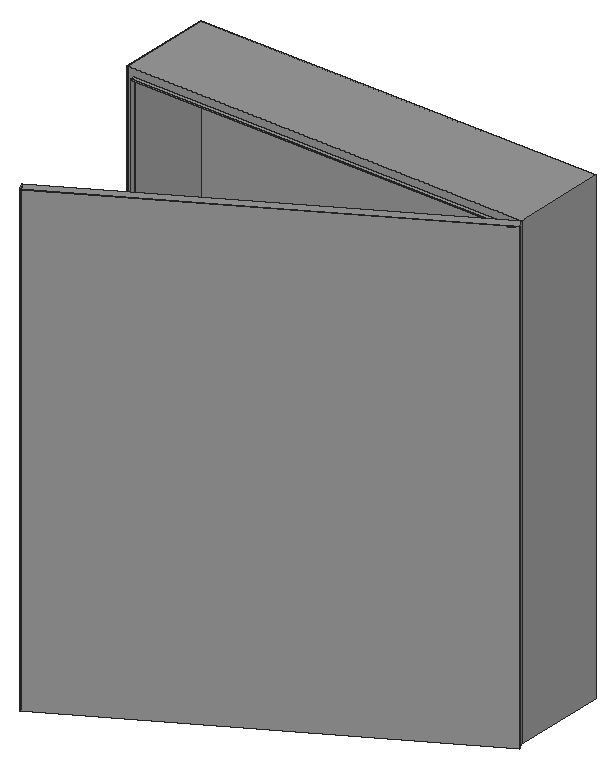
Revit family "Hager-Univers-IP44-D205-H950-Cl.I-encl-NoHosted-DE-de", category Equipement électrique, Revit 2020
Family settings
  Configuration du panneau = Deux colonnes, circuits au sein
  Cote de connecteur circulaire = Utiliser le diamètre
  Type d'élément = Tableau de raccordement
  Basée sur le plan de construction = Oui
  Toujours verticalement = Oui
  Couper avec des vides une fois chargée = Non
  Partagée = Non
  Point de calcul de pièce = Non
Parameters (values of type "Aufputz IP44 B800 H950 T205  - FP63TN2")
  Width Control [instance] = if([EF000008 - Breite] > Min Width, [EF000008 - Breite], Min Width)  # 800 mm
  Commentaires du type = [HG000003 - Bereich]  # "Univers"
  Thickness Door [instance] = if([EF009171 - Materialstärke Tür/Deckel] > 3 mm, 3 mm, [EF009171 - Materialstärke Tür/Deckel])  # 1 mm
  Seal Frame Offset [instance] = 17 mm  # constant formula
  Plinth Visibility [instance] = [HG000027 - Sockelhöhe] > 0 mm  # no
  Min Width [instance] = 100 mm  # constant formula
  Min Depth [instance] = (2 * [EF009170 - Materialstärke Gehäuse]) + 1 mm  # 3 mm
  Min Height [instance] = 100 mm  # constant formula
  Internal Frame Depth [instance] = (Door System Depth * 0.5)  # 9 mm
  Panel Name [instance] = ""  # (empty or 0)
  Model = ""
  HG000027 - Sockelhöhe = 0 mm
  HG000026 - Stehend auf dem Boden = no
  HG000024 - Höhe des unteren Teils = 600 mm
  HG000023 - Gehäuse mit doppeltem Querschnitt = no
  HG000016 - 3D-Türsichtbarkeit [instance] = yes
  HG000015 - Sichtbarkeit der Türöffnung [instance] = no
  HG000014 - Tür rechts [instance] = yes
  HG000013 - Tür links [instance] = not([HG000014 - Tür rechts])  # no
  HG000012 - Türschwenkwinkel [instance] = 30.00°
  HG000010 - Asymmetrische Türen = no
  HG000009 - Doppelflügeligen Tür = no
  HG000006 - Unterputz = no
  HG000004 - Herstellerreferenz = "FP63TN2"
  HG000003 - Bereich = "Univers"
  HG000002 - Mit tür = yes
  Frame Offset Bottom [instance] = 10 mm  # constant formula
  Frame Offset [instance] = 15 mm  # constant formula
  EF015940 - Deckel mit Überdruckentlastung = no
  EF011959 - Schutzart (NEMA) = ""
  EF009554 - Anzahl der Öffnungen für Flanschplatten = 6
  EF009212 - Ausführung Deckel = "EV000116 - geschlossen"
  EF009171 - Materialstärke Tür/Deckel = 1 mm
  EF009170 - Materialstärke Gehäuse = 1 mm
  EF008873 - Nennstrom (In) = 250 A
  EF007800 - Geeignet für Blitzschutz = no
  EF006306 - Mit Schloss = no
  EF006244 - Transparenter Deckel/Tür = no
  EF005474 - Schutzart (IP) = "EV006418 - IP44"
  EF004464 - Art der Tür = "EV002646 - Einzel"
  EF004427 - Anzahl der Module = 216
  EF004293 - Schlagfestigkeit = "EV006815 - IK09"
  EF003532 - Geeignet für Außengebrauch = no
  EF002950 - Breite in Teilungseinheiten = 36
  EF001613 - Funktionserhalt = "EV000494 - ohne"
  EF001596 - Werkstoff des Gehäuses = "EV000179 - Stahl"
  EF001131 - Innentiefe = 130 mm
  EF001088 - Anbaumöglichkeit = yes
  EF000437 - Anzahl der Leitungseinführungen = 6
  EF000339 - Art der Abdeckung = "EV001012 - Deckel"
  EF000266 - Anzahl der Reihen = 6
  EF000218 - Einbautiefe = 205 mm
  EF000118 - Mit Montageplatte = no
  EF000116 - RAL-Nummer = "9010"
  EF000049 - Tiefe = 205 mm
  EF000040 - Höhe = 950 mm
  EF000008 - Breite = 800 mm
  EF000007 - Farbe = "EV000202 - weiß"
  EF000003 - Montageart = "EV000384 - Aufputz"
  Door System Leaf Tolerance [instance] = 1.5 mm  # constant formula
  Door System Depth [instance] = 18 mm  # constant formula
  Door Height [instance] = Height Control - [HG000027 - Sockelhöhe]  # 950 mm
  Description = ""
  Default Elevation = 1219.2 mm
  Connector Offset [instance] = Height Control / 2  # 475 mm
  Fabricant = "Hager"  # constant formula
  Height Control [instance] = if([EF000040 - Höhe] > Min Height, [EF000040 - Höhe], Min Height)  # 950 mm
  Depth Control [instance] = if([EF000049 - Tiefe] > Min Depth, [EF000049 - Tiefe], Min Depth)  # 205 mm
  Bottom Top Plate Trim [instance] = 1.5 mm  # constant formula
  Plinth height Ctrl [instance] = if([HG000027 - Sockelhöhe] > 0 mm, [HG000027 - Sockelhöhe], 12 mm)  # 12 mm
Types (9, lengths in mm): name | Width Control | HG000010 - Asymmetrische Türen | HG000009 - Doppelflügeligen Tür | HG000004 - Herstellerreferenz | EF009554 - Anzahl der Öffnungen für Flanschplatten | EF004464 - Art der Tür | EF004427 - Anzahl der Module | EF002950 - Breite in Teilungseinheiten | EF000437 - Anzahl der Leitungseinführungen | EF000008 - Breite
  Aufputz IP44 B1050 H950 T205  - FP64TN2 | 1050 | no | yes | "FP64TN2" | 8 | "EV003602 - Doppel" | 288 | 48 | 8 | 1050
  Aufputz IP44 B1300 H950 T205  - FP65TN | 1300 | no | yes | "FP65TN" | 10 | "EV003602 - Doppel" | 360 | 60 | 10 | 1300
  Aufputz IP44 B1300 H950 T205  - FP65TN2 | 1300 | yes | yes | "FP65TN2" | 10 | "EV003602 - Doppel" | 360 | 60 | 10 | 1300
  Aufputz IP44 B300 H950 T205  - FP61TN | 300 | no | no | "FP61TN" | 2 | "EV002646 - Einzel" | 72 | 12 | 2 | 300
  Aufputz IP44 B300 H950 T205  - FP61TN2 | 300 | no | no | "FP61TN2" | 2 | "EV002646 - Einzel" | 72 | 12 | 2 | 300
  Aufputz IP44 B550 H950 T205  - FP62TN | 550 | no | no | "FP62TN" | 4 | "EV002646 - Einzel" | 144 | 24 | 4 | 550
  Aufputz IP44 B550 H950 T205  - FP62TN2 | 550 | no | no | "FP62TN2" | 4 | "EV002646 - Einzel" | 144 | 24 | 4 | 550
  Aufputz IP44 B800 H950 T205  - FP63TN | 800 | no | no | "FP63TN" | 6 | "EV002646 - Einzel" | 216 | 36 | 6 | 800
  Aufputz IP44 B800 H950 T205  - FP63TN2 | 800 | no | no | "FP63TN2" | 6 | "EV002646 - Einzel" | 216 | 36 | 6 | 800
Reference planes
  plane 1 "Center (Front/Back)": y = 0
  plane 2: z = 0
  plane 3 "Center (Left/Right)": x = 0
  plane 4: y = 0
  plane 5: y = 0
  plane 6: z = 0
  plane 7: x = -400
  plane 8: x = 400
  plane 9: x = 399
  plane 10: x = -399
  plane 11: z = 0
  plane 12: z = 1
  plane 13: y = -205
  plane 14: y = -1
  plane 15: x = 0
  plane 16: y = -187
  plane 17: y = -204
  plane 18: y = -186
  plane 19: x = -384
  plane 20: x = 384
  plane 21: z = 11
  plane 22: x = -383
  plane 23: x = 383
  plane 24: z = 0
  plane 25: z = 950
  plane 26: z = 950
  plane 27: z = 934
  plane 28: z = 949
Forms (mm)
  Extrusion 1, solid, material "Hager_Steel_RAL7035_Light_Grey", detail levels medium+fine
    sketch origin (-208.679, -4572, 0) x (-1, 0, 0) y (0, -1, 0)
      loop
        line (191.321, -4385) -> (-608.679, -4385) -> (-608.679, -4572) -> (191.321, -4572) -> (191.321, -4385)
    from 0 to 950
  Extrusion 2, void
    sketch origin (-350.771, -205, 1219.2) x (1, 0, 0) y (0, 0, 1)
      loop
        line (-48.229, -270.2) -> (-48.229, -1218.2) -> (749.771, -1218.2) -> (749.771, -270.2) -> (-48.229, -270.2)
    from -19 to -204
  Extrusion 3, void
    sketch origin (-290.084, -187, 1219.2) x (1, 0, 0) y (0, 0, 1)
      loop
        line (-93.916, -1208.2) -> (674.084, -1208.2) -> (674.084, -285.2) -> (-93.916, -285.2) -> (-93.916, -1208.2)
    from 0 to -1
  Extrusion 4, solid, material "Hager_Steel_RAL7035_Light_Grey", visible <- "Plinth Visibility", detail levels medium+fine
    sketch origin (0, 0, 0) x (1, 0, 0) y (0, 1, 0)
      loop
        line (-400, 0) -> (-400, -187) -> (400, -187) -> (400, 0) -> (-400, 0)
    from 0 to 12 <- "Plinth height Ctrl"
  Extrusion 5, solid, material "Hager_Steel_RAL7035_Light_Grey", detail levels coarse
    sketch origin (0, 0, 0) x (1, 0, 0) y (0, 1, 0)
      loop
        line (-400, 0) -> (-400, -205) -> (400, -205) -> (400, 0) -> (-400, 0)
    from 0 to 950 <- "Height Control"
  Sweep 6, void
    path in 3D
      loop
        line (-400, -187, 12) -> (400, -187, 12) -> (400, 0, 12) -> (-400, 0, 12) -> (-400, -187, 12)
    profile origin (-400, -93.5, 12) x (1, 0, 0) y (0, 0, 1)
      loop
        line (0, 0) -> (0, -1.5) -> (1.5, -1.5)
        arc (1.5, -1.5) -> (1.061, -0.439) -> (0, 0) r 1.5
  Extrusion 7, solid, material "Hager_Steel_RAL7035_Light_Grey", detail levels fine
    sketch origin (-400, -187, 0) x (1, 0, 0) y (0, 0, 1)
      loop
        line (16, 11) -> (784, 11) -> (784, 934) -> (16, 934) -> (16, 11)
      loop
        line (15, 10) -> (785, 10) -> (785, 935) -> (15, 935) -> (15, 10)
    from 0 to 9 <- "Internal Frame Depth"
Cuts and joins
  Extrusion 2, Extrusion 3 cuts Extrusion 1
  Sweep 6 cuts Extrusion 4
Lines and regions (mm)
  Masking region 1
    outline origin (0, 0, 0) x (1, 0, 0) y (0, 1, 0)
      loop
        line (-400, 0) -> (-400, -205) -> (400, -205) -> (400, 0) -> (-400, 0)
  Masking region 2, detail levels coarse
    outline origin (-290.084, -187, 1219.2) x (-1, 0, 0) y (0, 0, 1)
      loop
        line (-690.084, -1219.2) -> (109.916, -1219.2) -> (109.916, -269.2) -> (-690.084, -269.2) -> (-690.084, -1219.2)
  Masking region 3, detail levels coarse
    outline origin (0, 0, 0) x (0, 1, 0) y (0, 0, 1)
      loop
        line (0, 0) -> (0, 950) -> (-205, 950) -> (-205, 0) -> (0, 0)
  Masking region 4, visible <- "Plinth Visibility", detail levels medium+fine
    outline origin (0, 0, 0) x (0, 1, 0) y (0, 0, 1)
      loop
        line (-1.5, 12) -> (-185.5, 12)
        arc (-185.5, 12) -> (-185.939, 10.939) -> (-187, 10.5) r 1.5
        line (-187, 10.5) -> (-187, 0) -> (0, 0) -> (0, 10.5)
        arc (0, 10.5) -> (-1.061, 10.939) -> (-1.5, 12) r 1.5
  Masking region 5, detail levels medium+fine
    outline origin (0, 0, 594.038) x (0, 1, 0) y (0, 0, 1)
      loop
        line (0, -594.038) -> (0, 355.962) -> (-187, 355.962) -> (-187, -594.038) -> (0, -594.038)
  Masking region 6, detail levels medium+fine
    outline origin (-359.7, -187, 1211.883) x (-1, 0, 0) y (0, 0, 1)
      loop
        line (-759.7, -1211.883) -> (40.3, -1211.883) -> (40.3, -261.883) -> (-759.7, -261.883) -> (-759.7, -1211.883)
  Masking region 7, visible <- "Plinth Visibility", detail levels medium+fine
    outline origin (-320.334, -187, 1041.368) x (-1, 0, 0) y (0, 0, 1)
      loop
        line (-720.334, -1041.368) -> (79.666, -1041.368) -> (79.666, -1030.868)
        arc (79.666, -1030.868) -> (78.606, -1030.429) -> (78.166, -1029.368) r 1.5
        line (78.166, -1029.368) -> (-718.834, -1029.368)
        arc (-718.834, -1029.368) -> (-719.273, -1030.429) -> (-720.334, -1030.868) r 1.5
        line (-720.334, -1030.868) -> (-720.334, -1041.368)
  sketch lines
    curve 1: line (-400, 0, 12) -> (-400, -187, 12)
    curve 2: line (-400, -187, 12) -> (400, -187, 12)
    curve 3: line (400, 0, 12) -> (-400, 0, 12)
    curve 4: line (400, -187, 12) -> (400, 0, 12)
Dimensions and locks
  locked: plane 1 "Center (Front/Back)" to plane 5
  "EF009170 - Materialstärke Gehäuse": plane 7 to plane 10
  "EF009170 - Materialstärke Gehäuse": plane 8 to plane 9
  equal spacing: plane 7, plane 3 "Center (Left/Right)", plane 8
  "Width Control": plane 7 to plane 8
  "Depth Control": plane 4 to plane 13
  "EF009170 - Materialstärke Gehäuse": plane 4 to plane 14
  "Height Control": plane 25 to level
  "HG000027 - Sockelhöhe": plane 11 to level
  "EF009170 - Materialstärke Gehäuse": plane 12 to plane 11
  "EF009170 - Materialstärke Gehäuse": plane 17 to plane 13
  "EF009170 - Materialstärke Gehäuse": plane 18 to plane 16
  "Frame Offset Bottom": plane 21 to plane 12
  "Frame Offset": plane 10 to plane 19
  "Frame Offset": plane 9 to plane 20
  "Door System Depth": plane 16 to plane 13
  "Seal Frame Offset": plane 7 to plane 22
  "Seal Frame Offset": plane 8 to plane 23
  "EF009170 - Materialstärke Gehäuse": plane 26 to plane 28
  "Frame Offset": plane 28 to plane 27
  "Connector Offset": plane 2 to connector elem
  "Bottom Top Plate Trim": profile plane to Sweep 6 sketch curve
  "Bottom Top Plate Trim": Sweep 6 sketch curve to Sweep 6 sketch curve
  "Plinth height Ctrl": Masking region 4 sketch curve to level
  "Plinth height Ctrl": Masking region 7 sketch curve to level
  "Thickness Door": Extrusion 7 sketch curve to Extrusion 7 sketch curve  (x4)
  "Bottom Top Plate Trim": radius of Sweep 6 sketch curve
  "Bottom Top Plate Trim": radius of Masking region 4 sketch curve  (x2)
  "Bottom Top Plate Trim": radius of Masking region 7 sketch curve  (x2)
  aligned and locked: Extrusion 2 sketch curve to plane 12
  aligned and locked: Extrusion 2 sketch curve to plane 9
  aligned and locked: Extrusion 2 sketch curve to plane 10
  aligned and locked: Extrusion 2 to plane 14
  aligned and locked: Extrusion 1 sketch curve to plane 4
  aligned and locked: plane 8 to Extrusion 1 sketch curve
  aligned and locked: plane 7 to Extrusion 1 sketch curve
  aligned and locked: Extrusion 2 to plane 18
  aligned and locked: Extrusion 3 sketch curve to plane 19
  aligned and locked: plane 20 to Extrusion 3 sketch curve
  aligned and locked: Extrusion 3 to Extrusion 2
  aligned and locked: Extrusion 3 sketch curve to plane 21
  aligned and locked: plane 3 "Center (Left/Right)" to nested 1
  aligned and locked: Extrusion 1 sketch curve to plane 16
  aligned and locked: Extrusion 4 sketch curve to cut or joined group of Extrusion 1, Extrusion 2, Extrusion 3
  aligned and locked: Masking region 1 sketch curve to plane 7
  aligned and locked: Masking region 1 sketch curve to plane 5
  aligned and locked: Masking region 1 sketch curve to plane 8
  aligned and locked: Masking region 2 sketch curve to level
  aligned and locked: level to Masking region 3 sketch curve
  aligned and locked: plane 1 "Center (Front/Back)" to Masking region 3 sketch curve
  aligned and locked: plane 13 to Masking region 3 sketch curve
  aligned and locked: plane 5 to Masking region 4 sketch curve
  aligned and locked: Masking region 2 sketch curve to plane 8
  aligned and locked: Masking region 2 sketch curve to plane 7
  aligned and locked: plane 7 to nested 2
  aligned and locked: nested 2 to plane 5
  aligned and locked: plane 5 to Masking region 5 sketch curve
  aligned and locked: plane 26 to Masking region 5 sketch curve
  aligned and locked: Extrusion 5 sketch curve to plane 8
  aligned and locked: Extrusion 5 sketch curve to plane 7
  aligned and locked: Extrusion 5 sketch curve to plane 5
  aligned and locked: Extrusion 3 sketch curve to plane 27
  aligned and locked: Extrusion 2 sketch curve to plane 28
  aligned and locked: Masking region 2 to plane 25
  aligned and locked: Extrusion 4 to plane 16
  aligned and locked: profile plane to Sweep 6 sketch curve
  aligned and locked: Masking region 5 sketch curve to plane 24
  aligned and locked: level to Masking region 4 sketch curve
  aligned and locked: Masking region 1 to plane 13
  aligned and locked: nested 1 to plane 16
  aligned and locked: Masking region 3 to plane 25
  aligned and locked: plane 16 to Masking region 4 sketch curve
  aligned and locked: Masking region 5 sketch curve to plane 16
  aligned and locked: plane 24 to plane 11
  aligned and locked: plane 26 to plane 25
  aligned and locked: plane 26 to cut or joined group of Extrusion 1, Extrusion 2, Extrusion 3
  aligned and locked: nested 1 to plane 24
  aligned and locked: Extrusion 1 to Extrusion 3
  aligned and locked: Masking region 6 sketch curve to plane 8
  aligned and locked: Masking region 6 sketch curve to plane 24
  aligned and locked: Masking region 6 sketch curve to plane 7
  aligned and locked: Masking region 6 sketch curve to plane 26
  aligned and locked: Masking region 7 sketch curve to plane 7
  aligned and locked: level to Masking region 7 sketch curve
  aligned and locked: Masking region 7 sketch curve to plane 8
  aligned and locked: Extrusion 7 sketch curve to cut or joined group of Extrusion 1, Extrusion 2, Extrusion 3  (x4)
Automatic sketch dimensions
  plane 19 to Extrusion 3 sketch curve = 0 mm
  Extrusion 3 sketch curve to plane 20 = 0 mm
  Extrusion 3 sketch curve to plane 21 = 0 mm
  Extrusion 4 sketch curve to plane 7 = 0 mm
  Extrusion 4 sketch curve to plane 8 = 0 mm
  Extrusion 4 sketch curve to plane 16 = 0 mm
  Masking region 1 sketch curve to plane 13 = 0 mm
  Masking region 2 sketch curve to plane 25 = 0 mm
  Masking region 3 sketch curve to plane 25 = 0 mm
  Extrusion 5 sketch curve to plane 13 = 0 mm
  profile plane to Sweep 6 sketch curve = 0 mm
Nested families
  nested 1: "EC000058_Univers_Door" at (0, -187, 0), Double <- "HG000009 - Doppelflügeligen Tür", Transparent <- "EF006244 - Transparenter Deckel/Tür", Angle <- "HG000012 - Türschwenkwinkel", Door_Right <- "HG000014 - Tür rechts", Assymetrical <- "HG000010 - Asymmetrische Türen", Door <- "HG000002 - Mit tür", Width_Ctrl <- "Width Control", 3d_Door <- "HG000016 - 3D-Türsichtbarkeit", Clearance <- "HG000015 - Sichtbarkeit der Türöffnung", Door_Left <- "HG000013 - Tür links", Width <- "Width Control", Door_Depth <- "Door System Depth", Leaf_Tolerance <- "Door System Leaf Tolerance", Height <- "Door Height", Lock_Visibility <- "EF006306 - Mit Schloss", Thickness <- "Thickness Door", type "EC000058_Univers_Door", detail levels medium+fine
    with min_wh 3 mm, Width_Ctrl 800 mm, Width 800 mm, Transparent no, Thickness 1 mm, Seal_Material Hager_Rubber, Lock_Visibility no, Lock_Material Hager_Plastic_RAL9005_Jet_Black, Leaf_Width 800 mm, Leaf_Tolerance_External_Sides 0 mm, Leaf_Tolerance 1.5 mm, Leaf_Offset 0 mm, Leaf_Height 947 mm, Leaf_2_Width 800 mm, Leaf_2_Offset 400 mm, Leaf_1_Width 800 mm, Leaf_1_Offset 400 mm, Height_Ctrl 950 mm, Height 950 mm, Glass_Material Hager_Glass, Double_Clearance_Ctrl no, Double no, Door_Right_Ctrl yes, Door_Right yes, Door_Material Hager_Steel_RAL7035_Light_Grey, Door_Left_Ctrl no, Door_Left no, Door_Depth 18 mm, Door yes, Clearance_Material Hager_Clearance, Clearance_Depth 800 mm, Clearance_Ctrl no, Clearance no, Assymetrical no, Angle 30.00°, 3d_Door yes
  nested 2: "Hager_Enclosure_Symbol" at (-400, 0, 0), Height <- "Depth Control", Width <- "Width Control", type "Hager_Enclosure_Symbol"
    with Width_Ctrl 800 mm, Width 800 mm, Height_Ctrl 205 mm, Height 205 mm, A_Width_Int 13.453 mm, A_Width 161.438 mm, A_Height_Ctrl 179.375 mm, A_Height 179.375 mm
Connectors
  electrical at (0, 0, 475)
    settings: on plane 1 "Center (Front/Back)", index 1, voltage 0 V, apparent load 0 VA, apparent load phase1 0 VA, apparent load phase2 0 VA, apparent load phase3 0 VA, power factor 1, load classification "Other", number of poles 1, system type 30, power factor state 1, is connector primary yes, connector utility no, sub classification motor no, connector description ""
Definition of nested family "EC000058_Univers_Door"
  Parameters (values of type "EC000058_Univers_Door")
    min_wh [instance] = (2 * Thickness) + 1 mm  # 11 mm
    Width_Ctrl [instance] = 400 mm
    Width [instance] = 500 mm
    Transparent [instance] = yes
    Thickness [instance] = 5 mm
    Seal_Material [instance] = none
    Lock_Visibility [instance] = yes
    Lock_Material [instance] = none
    Leaf_Width [instance] = if((Width_Ctrl - 2 * Leaf_Tolerance_External_Sides) > 0 mm, (Width_Ctrl - 2 * Leaf_Tolerance_External_Sides), min_wh)  # 400 mm
    Leaf_Tolerance_External_Sides [instance] = 0 mm  # constant formula
    Leaf_Tolerance [instance] = 1.5 mm
    Leaf_Offset [instance] = 0 mm  # constant formula
    Leaf_Height [instance] = if((Height_Ctrl - 2 * Leaf_Tolerance) > 0 mm, (Height_Ctrl - 2 * Leaf_Tolerance), min_wh)  # 497 mm
    Leaf_2_Width [instance] = if(and(and(Double, Assymetrical), Door_Left), (Leaf_Width / 3) - (Leaf_Tolerance / 2), if(and(and(Double, Assymetrical), Door_Right), (Leaf_Width / 3) * 2 - (Leaf_Tolerance / 2), if(and(Double, not(Assymetrical)), (Leaf_Width / 2) - Leaf_Tolerance, Leaf_Width)))  # 400 mm
    Leaf_2_Offset [instance] = if(and(Double, Assymetrical), Leaf_2_Width / 2, if(and(Double, not(Assymetrical)), Leaf_Width / 4, Leaf_Width / 2))  # 200 mm
    Leaf_1_Width [instance] = if(and(and(Double, Assymetrical), Door_Right), (Leaf_Width / 3) - (Leaf_Tolerance / 2), if(and(and(Double, Assymetrical), Door_Left), (Width / 3) * 2 - (Leaf_Tolerance / 2), if(and(Double, not(Assymetrical)), (Leaf_Width / 2) - Leaf_Tolerance, Leaf_Width)))  # 400 mm
    Leaf_1_Offset [instance] = if(and(Double, Assymetrical), Leaf_1_Width / 2, if(and(Double, not(Assymetrical)), Leaf_Width / 4, Leaf_Width / 2))  # 200 mm
    Height_Ctrl [instance] = if(Height > min_wh, Height, min_wh)  # 500 mm
    Height [instance] = 500 mm
    Glass_Material [instance] = none
    Double_Clearance_Ctrl [instance] = and(Double, Clearance)  # no
    Double [instance] = no
    Door_Right_Ctrl [instance] = and(or(Door_Right, Double), Door)  # yes
    Door_Right [instance] = yes
    Door_Material [instance] = none
    Door_Left_Ctrl [instance] = and(or(Door_Left, Double), Door)  # no
    Door_Left [instance] = no
    Door_Depth [instance] = 30 mm
    Door [instance] = yes
    Default Elevation = 1219.2 mm
    Clearance_Material [instance] = none
    Clearance_Depth [instance] = if(Leaf_1_Width > Leaf_2_Width, Leaf_1_Width, Leaf_2_Width)  # 400 mm
    Clearance_Ctrl [instance] = and(not(Double), Clearance)  # yes
    Clearance [instance] = yes
    Assymetrical [instance] = yes
    Angle [instance] = 30.00°
    3d_Door [instance] = yes
  Reference planes
    plane 1 "Center (Front/Back)": y = 0
    plane 2 "Bottom": z = 0
    plane 3 "Center (Left/Right)": x = 0
    plane 4: z = 500
    plane 5: x = -200
    plane 6: x = 200
    plane 7: z = 500
    plane 8: x = -200
    plane 9: z = 0
    plane 10: x = 200
    plane 11: y = 0
    plane 12: z = 1.5
    plane 13: x = -600
    plane 14: y = -400
    plane 15: x = 600
    plane 16: x = 0
    plane 17: x = 0
    plane 18: x = -200
    plane 19: x = 200
    plane 20: z = 498.5
  Forms (mm)
    Extrusion 1, solid, material <- "Clearance_Material", visible <- "Double_Clearance_Ctrl"
      sketch origin (1200, 0, 0) x (1, 0, 0) y (0, 0, -1)
        loop
          line (-1800, -498.5) -> (-600, -498.5) -> (-600, 0) -> (-1800, 0) -> (-1800, -498.5)
      from 0 to -400
  Dimensions and locks
    equal spacing: plane 5, plane 3 "Center (Left/Right)", plane 6
    "Width_Ctrl": plane 5 to plane 6
    "Leaf_Offset": plane 5 to plane 8
    "Leaf_Offset": plane 6 to plane 10
    "Leaf_Offset": plane 9 to level
    "Leaf_Offset": plane 4 to plane 7
    "Height_Ctrl": plane 4 to level
    "Leaf_Tolerance": plane 12 to plane 9
    locked: plane 11 to plane 1 "Center (Front/Back)"
    "Leaf_1_Offset": plane 18 to plane 16
    "Leaf_2_Offset": plane 17 to plane 19
    "Leaf_1_Width": plane 13 to plane 8
    "Leaf_2_Width": plane 10 to plane 15
    "Clearance_Depth": plane 14 to plane 1 "Center (Front/Back)"
    "Leaf_Tolerance_External_Sides": plane 8 to plane 18
    "Leaf_Tolerance_External_Sides": plane 19 to plane 10
    "Leaf_Tolerance": plane 7 to plane 20
    aligned and locked: level to plane 2 "Bottom"
    aligned and locked: nested 1 to plane 16
    aligned and locked: nested 2 to plane 17
    aligned and locked: Extrusion 1 to plane 13
    aligned and locked: plane 15 to Extrusion 1
    aligned and locked: Extrusion 1 to plane 14
    aligned and locked: plane 12 to nested 1
    aligned and locked: nested 2 to plane 12
    aligned and locked: Extrusion 1 to plane 11
    aligned and locked: plane 20 to Extrusion 1
    aligned and locked: nested 2 to plane 11
    aligned and locked: nested 1 to plane 11
  Automatic sketch dimensions
    Extrusion 1 sketch curve to level = 0 mm
    plane 5 to Extrusion 1 sketch curve = 400 mm
    plane 6 to Extrusion 1 sketch curve = 400 mm
    Extrusion 1 sketch curve to plane 4 = 1.5 mm
  Nested families
    nested 1: "EC000058_Univers_Door_Leaf" at (0, 0, 1.5), Width <- "Leaf_1_Width", visible <- "Door_Left_Ctrl", Leaf_Height <- "Leaf_Height", Angle <- "Angle", 3d_Door <- "3d_Door", Transparent <- "Transparent", Clearance Material <- "Clearance_Material", Clearance <- "Clearance_Ctrl", Door_Material <- "Door_Material", Glass_Material <- "Glass_Material", Door_Depth <- "Door_Depth", Lock_Material <- "Lock_Material", Seal_Material <- "Seal_Material", Lock_Visibility <- "Lock_Visibility", Thickness <- "Thickness", type "EC000058_Univers_Door_Leaf"
      with Width 400 mm, Transparent_Glass_Offset 30 mm, Transparent_Ctrl yes, Transparent yes, Thickness 5 mm, Standard no, Seal_Material none, Seal_D2 8 mm, Seal_D1 1 mm, Offset_Internal_Frame 10 mm, Lock_Width 20 mm, Lock_Visibility_3d yes, Lock_Visibility yes, Lock_Thickness_3 3 mm, Lock_Thickness_2 1 mm, Lock_Thickness_1 3 mm, Lock_Radius_Offset_2 16 mm, Lock_Radius_Offset_1 15 mm, Lock_Radius_2 5 mm, Lock_Radius 6 mm, Lock_Offset 5 mm, Lock_Material none, Lock_Height 80 mm, Lock_Cover_Top_Offset_2d 17 mm, Lock_Cover_Height -65 mm, Leaf_Height 497 mm, Internal_Seal_Thickness 8 mm, Internal_Seal_Depth_2 4.5 mm, Internal_Frame_Depth 25 mm, Glass_Thickness -1 mm, Glass_Offset -2 mm, Glass_Material none, Door_Material none, Door_Depth 30 mm, Clearance Material none, Clearance yes, Angle_Ctrl 30.00°, Angle 30.00°, 3d_Door yes
    nested 2: "EC000058_Univers_Door_Leaf" at (0, 0, 1.5) x (-1, 0, 0) z (0, 0, 1), Width <- "Leaf_2_Width", visible <- "Door_Right_Ctrl", Leaf_Height <- "Leaf_Height", Angle <- "Angle", 3d_Door <- "3d_Door", Transparent <- "Transparent", Clearance Material <- "Clearance_Material", Clearance <- "Clearance_Ctrl", Door_Material <- "Door_Material", Glass_Material <- "Glass_Material", Door_Depth <- "Door_Depth", Lock_Material <- "Lock_Material", Seal_Material <- "Seal_Material", Lock_Visibility <- "Lock_Visibility", Thickness <- "Thickness", type "EC000058_Univers_Door_Leaf"
      with Width 400 mm, Transparent_Glass_Offset 30 mm, Transparent_Ctrl yes, Transparent yes, Thickness 5 mm, Standard no, Seal_Material none, Seal_D2 8 mm, Seal_D1 1 mm, Offset_Internal_Frame 10 mm, Lock_Width 20 mm, Lock_Visibility_3d yes, Lock_Visibility yes, Lock_Thickness_3 3 mm, Lock_Thickness_2 1 mm, Lock_Thickness_1 3 mm, Lock_Radius_Offset_2 16 mm, Lock_Radius_Offset_1 15 mm, Lock_Radius_2 5 mm, Lock_Radius 6 mm, Lock_Offset 5 mm, Lock_Material none, Lock_Height 80 mm, Lock_Cover_Top_Offset_2d 17 mm, Lock_Cover_Height -65 mm, Leaf_Height 497 mm, Internal_Seal_Thickness 8 mm, Internal_Seal_Depth_2 4.5 mm, Internal_Frame_Depth 25 mm, Glass_Thickness -1 mm, Glass_Offset -2 mm, Glass_Material none, Door_Material none, Door_Depth 30 mm, Clearance Material none, Clearance yes, Angle_Ctrl 30.00°, Angle 30.00°, 3d_Door yes
  Definition of nested family "EC000058_Univers_Door_Leaf"
    Parameters (values of type "EC000058_Univers_Door_Leaf")
      Width [instance] = 2000 mm
      Transparent_Glass_Offset [instance] = 30 mm
      Transparent_Ctrl [instance] = and(Transparent, [3d_Door])  # yes
      Transparent [instance] = yes
      Thickness [instance] = 5 mm
      Standard [instance] = and(not(Transparent), [3d_Door])  # no
      Seal_Material [instance] = none
      Seal_D2 [instance] = 8 mm  # constant formula
      Seal_D1 [instance] = 1 mm  # constant formula
      Offset_Internal_Frame [instance] = 10 mm  # constant formula
      Lock_Width [instance] = 20 mm  # constant formula
      Lock_Visibility_3d [instance] = and(Lock_Visibility, [3d_Door])  # yes
      Lock_Visibility [instance] = yes
      Lock_Thickness_3 [instance] = 3 mm  # constant formula
      Lock_Thickness_2 [instance] = 1 mm  # constant formula
      Lock_Thickness_1 [instance] = 3 mm  # constant formula
      Lock_Radius_Offset_2 [instance] = Lock_Radius_Offset_1 + 1 mm  # 16 mm
      Lock_Radius_Offset_1 [instance] = 15 mm  # constant formula
      Lock_Radius_2 [instance] = Lock_Radius - 1 mm  # 5 mm
      Lock_Radius [instance] = 6 mm  # constant formula
      Lock_Offset [instance] = 5 mm  # constant formula
      Lock_Material [instance] = none
      Lock_Height [instance] = 80 mm  # constant formula
      Lock_Cover_Top_Offset_2d [instance] = Lock_Radius_Offset_2 + 1 mm  # 17 mm
      Lock_Cover_Height [instance] = -(Lock_Height - Lock_Radius_Offset_1)  # -65 mm
      Leaf_Height [instance] = 2720.336 mm
      Internal_Seal_Thickness [instance] = 8 mm  # constant formula
      Internal_Seal_Depth_2 [instance] = 4.5 mm  # constant formula
      Internal_Frame_Depth [instance] = if(Door_Depth - Thickness > 5 mm, Door_Depth - Thickness, 5 mm)  # 25 mm
      Glass_Thickness [instance] = if(Thickness > 15 mm, Glass_Offset + 10 mm, -1 mm)  # -1 mm
      Glass_Offset [instance] = if(Thickness > 15 mm, -(Thickness + 10 mm) / 2, -2 mm)  # -2 mm
      Glass_Material [instance] = none
      Door_Material [instance] = none
      Door_Depth [instance] = 30 mm
      Default Elevation = 0 mm
      Clearance Material [instance] = none
      Clearance [instance] = yes
      Angle_Ctrl [instance] = if(Angle > 180.00°, 180.00°, Angle)  # 90.00°
      Angle [instance] = 90.00°
      3d_Door [instance] = yes
    Reference planes
      plane 1 "Center (Front/Back)": y = 0
      plane 2: z = 0
      plane 3 "Center (Left/Right)": x = 0
      plane 4: y = 2000
      plane 5: x = -1000
      plane 6: x = 1000
      plane 7: x = -3000
      plane 8: z = 2720.336
      plane 9: z = 30
      plane 10: z = 2690.336
      plane 11: x = 970
      plane 12: x = -970
      plane 13: y = -3
      plane 14: z = 107.833
      plane 15: y = -5
      plane 16: y = -223.314
      plane 17: x = -1000
      plane 18: z = 1360.168
      plane 19: y = 30
    Forms (mm)
      Extrusion 1, solid, material <- "Clearance Material", visible <- "Clearance"
        sketch origin (0, 0, 0) x (1, 0, 0) y (0, 0, 1)
          loop
            line (-3000, 2720.336) -> (-3000, 0) -> (1000, 0) -> (1000, 2720.336) -> (-3000, 2720.336)
        from 0 to -2000
      Extrusion 2, solid, material <- "Door_Material", visible <- "Standard", detail levels medium+fine
        sketch origin (-1000, 0, 0) x (0, 1, 0) y (-1, 0, 0)
          loop
            line (0, 30) -> (0, 25) -> (2000, 25) -> (2000, 30) -> (0, 30)
        from 0 to 2720.336 <- "Leaf_Height"
      Extrusion 3, solid, material <- "Door_Material", visible <- "Transparent_Ctrl", detail levels medium+fine
        sketch origin (-1000, 0, 0) x (0, 1, 0) y (-1, 0, 0)
          loop
            line (0, 25) -> (2000, 25) -> (2000, 30) -> (0, 30) -> (0, 25)
        from 0 to 2720.336 <- "Leaf_Height"
      Extrusion 4, void
        sketch origin (-1025, 2000, 0) x (0, 1, 0) y (0, 0, -1)
          loop
            line (-30, -2690.336) -> (-30, -30) -> (-1970, -30) -> (-1970, -2690.336) -> (-30, -2690.336)
        from 0 to 5 <- "Thickness"
      Sweep 5, solid, material <- "Seal_Material", visible <- "Transparent_Ctrl", detail levels fine
        path in 3D
          loop
            line (-1025, 30, 30) -> (-1025, 30, 2690.336) -> (-1025, 1970, 2690.336) -> (-1025, 1970, 30) -> (-1025, 30, 30)
        profile origin (-1025, 1000, 30) x (1, 0, 0) y (0, 0, 1)
          loop
            line (0, 0) -> (0, -8) -> (1, -8) -> (1, 0) -> (0, 0)
      Extrusion 6, solid, material <- "Glass_Material", visible <- "Transparent_Ctrl", detail levels medium+fine
        sketch origin (-1030, 0, 0) x (0, 1, 0) y (0, 0, -1)
          loop
            line (1970, -2690.336) -> (1970, -30) -> (30, -30) -> (30, -2690.336) -> (1970, -2690.336)
        from -2 <- "Glass_Offset" to -1 <- "Glass_Thickness"
      Extrusion 7, solid, material <- "Door_Material", visible <- "3d_Door", detail levels medium+fine
        sketch origin (-1025, 2000, 0) x (0, -1, 0) y (0, 0, -1)
          loop
            line (0, -2720.336) -> (2000, -2720.336) -> (2000, 0) -> (0, 0) -> (0, -2720.336)
          loop
            line (1995, -5) -> (5, -5) -> (5, -2715.336) -> (1995, -2715.336) -> (1995, -5)
        from 0 to 25 <- "Internal_Frame_Depth"
      Sweep 8, solid, material <- "Seal_Material", visible <- "Transparent_Ctrl", detail levels fine
        path in 3D
          loop
            line (-1025, 0, 0) -> (-1025, 2000, 0) -> (-1025, 2000, 2720.336) -> (-1025, 0, 2720.336) -> (-1025, 0, 0)
        profile origin (-1025, 0, 1360.168) x (1, 0, 0) y (0, 1, 0)
          loop
            line (0, 10) -> (2.975, 10)
            arc (2.975, 10) -> (4.053, 10.447) -> (4.5, 11.525) r 1.525
            line (4.5, 11.525) -> (4.5, 16.527)
            arc (4.5, 16.527) -> (4.069, 17.569) -> (3.027, 18) r 1.473
            line (3.027, 18) -> (0, 18) -> (0, 10)
      Extrusion 9, solid, material <- "Lock_Material", visible <- "Lock_Visibility_3d", detail levels fine
        sketch origin (-1030, 0, 0) x (0, 1, 0) y (0, 0, -1)
          loop
            arc (1993.5, -1400.168) -> (1994.561, -1399.729) -> (1995, -1398.668) r 1.5
            line (1995, -1398.668) -> (1995, -1320.168) -> (1975, -1320.168) -> (1975, -1398.668)
            arc (1975, -1398.668) -> (1975.439, -1399.729) -> (1976.5, -1400.168) r 1.5
            line (1976.5, -1400.168) -> (1993.5, -1400.168)
        from 3 <- "Lock_Thickness_1" to 0
      Blend 10, solid, material <- "Lock_Material", visible <- "Lock_Visibility_3d", detail levels fine
        base sketch origin (-1033, 0, 0) x (0, 1, 0) y (0, 0, -1)
          loop
            line (1975, -1320.168) -> (1975, -1398.668)
            arc (1975, -1398.668) -> (1975.439, -1399.729) -> (1976.5, -1400.168) r 1.5
            line (1976.5, -1400.168) -> (1993.5, -1400.168)
            arc (1993.5, -1400.168) -> (1994.561, -1399.729) -> (1995, -1398.668) r 1.5
            line (1995, -1398.668) -> (1995, -1320.168) -> (1975, -1320.168)
        top sketch origin (-1033, 0, 0) x (0, 1, 0) y (0, 0, -1)
          loop
            line (1976, -1320.168) -> (1976, -1398.668)
            arc (1976, -1398.668) -> (1976.146, -1399.022) -> (1976.5, -1399.168) r 0.5
            line (1976.5, -1399.168) -> (1993.5, -1399.168)
            arc (1993.5, -1399.168) -> (1993.854, -1399.022) -> (1994, -1398.668) r 0.5
            line (1994, -1398.668) -> (1994, -1320.168) -> (1976, -1320.168)
        from 0 to 1 <- "Lock_Thickness_2"
      Blend 11, solid, material <- "Lock_Material", visible <- "Lock_Visibility_3d", detail levels fine
        base sketch origin (-1034, 0, 0) x (0, 1, 0) y (0, 0, -1)
          loop
            line (1978, -1320.168) -> (1978, -1384.168)
            arc (1978, -1384.168) -> (1985, -1391.168) -> (1992, -1384.168) r 7
            line (1992, -1384.168) -> (1992, -1320.168) -> (1978, -1320.168)
        top sketch origin (-1034, 0, 0) x (0, 1, 0) y (0, 0, -1)
          loop
            line (1991, -1320.168) -> (1979, -1320.168) -> (1979, -1383.168)
            arc (1979, -1383.168) -> (1985, -1389.168) -> (1991, -1383.168) r 6
            line (1991, -1383.168) -> (1991, -1320.168)
        from 0 to 3 <- "Lock_Thickness_3"
      Extrusion 12, solid, material <- "Lock_Material", visible <- "Lock_Visibility_3d", detail levels fine
        sketch origin (-1030, 1975, 1320.168) x (1, 0, 0) y (0, -1, 0)
          loop
            line (-7, -19) -> (-7, -1) -> (0, -1) -> (0, 0) -> (-8, 0) -> (-8, -20) -> (0, -20) -> (0, -19) -> (-7, -19)
        from 0 to -65 <- "Lock_Cover_Height"
      Extrusion 13, void
        sketch origin (-1038, 1995, 1320.168) x (-1, 0, 0) y (0, 0, -1)
          loop
            line (-5, -65) -> (0, -65) -> (-5, -60) -> (-5, -65)
        from 0 to 20 <- "Lock_Width"
      Extrusion 14, void
        sketch origin (-1038, 1975, 1320.168) x (0, -1, 0) y (0, 0, -1)
          loop
            circle (-10, -15.995) r 6
          loop
            circle (-10, -15.995) r 5
        from 0 to 2
      Extrusion 15, solid, material <- "Lock_Material", visible <- "Lock_Visibility_3d", detail levels medium
        sketch origin (-1030, 0, 0) x (0, 1, 0) y (0, 0, -1)
          loop
            arc (1993.5, -1400.168) -> (1994.561, -1399.729) -> (1995, -1398.668) r 1.5
            line (1995, -1398.668) -> (1995, -1320.168) -> (1975, -1320.168) -> (1975, -1398.668)
            arc (1975, -1398.668) -> (1975.439, -1399.729) -> (1976.5, -1400.168) r 1.5
            line (1976.5, -1400.168) -> (1993.5, -1400.168)
        from 8 to 0
    Cuts and joins
      Extrusion 4 cuts Extrusion 3
      Extrusion 13, Extrusion 14 cuts Extrusion 9
      Extrusion 14 cuts Blend 11
      Extrusion 13, Extrusion 14 cuts Extrusion 12
      joined: Extrusion 9, Blend 10, Blend 11, Extrusion 12
      Extrusion 14 cuts Extrusion 15
    Lines and regions (mm)
      Masking region 1, visible <- "Lock_Visibility", detail levels fine
        outline origin (0, 0, 0) x (0, 1, 0) y (0, 0, 1)
          loop
            line (30, 1320.168) -> (33, 1320.168) -> (33, 1400.168) -> (30, 1400.168) -> (30, 1320.168)
      Masking region 2, visible <- "Lock_Visibility", detail levels fine
        outline origin (0, 3.143, 0) x (0, 1, 0) y (0, 0, 1)
          loop
            line (29.857, 1354.168) -> (30.857, 1354.168) -> (30.857, 1366.168) -> (29.857, 1366.168) -> (29.857, 1354.168)
      Masking region 3, detail levels medium+fine
        outline origin (0, 0, 0) x (0, 1, 0) y (0, 0, 1)
          loop
            line (0, 0) -> (30, 0) -> (30, 2720.336) -> (0, 2720.336) -> (0, 0)
      Masking region 4, detail levels medium+fine
        outline origin (0, 0, 0) x (1, 0, 0) y (0, 0, 1)
          loop
            line (-1000, 2720.336) -> (-1000, 0) -> (1000, 0) -> (1000, 2720.336) -> (-1000, 2720.336)
      Masking region 5, visible <- "Lock_Visibility", detail levels fine
        outline origin (-47.116, 0, 0) x (1, 0, 0) y (0, 0, 1)
          loop
            arc (1024.616, 1399.168) -> (1023.556, 1398.729) -> (1023.116, 1397.668) r 1.5
            line (1023.116, 1397.668) -> (1023.116, 1320.168) -> (1041.116, 1320.168) -> (1041.116, 1397.668)
            arc (1041.116, 1397.668) -> (1040.677, 1398.729) -> (1039.616, 1399.168) r 1.5
            line (1039.616, 1399.168) -> (1024.616, 1399.168)
      Masking region 6, visible <- "Lock_Visibility", detail levels medium+fine
        outline origin (-25, 0, 0) x (1, 0, 0) y (0, 0, 1)
          loop
            arc (1001.5, 1400.168) -> (1000.439, 1399.729) -> (1000, 1398.668) r 1.5
            line (1000, 1398.668) -> (1000, 1320.168) -> (1020, 1320.168) -> (1020, 1398.668)
            arc (1020, 1398.668) -> (1019.561, 1399.729) -> (1018.5, 1400.168) r 1.5
            line (1018.5, 1400.168) -> (1001.5, 1400.168)
      Masking region 7, visible <- "Lock_Visibility", detail levels fine
        outline origin (-73.735, 0, 0) x (1, 0, 0) y (0, 0, 1)
          loop
            line (1051.735, 1382.168) -> (1065.735, 1382.168) -> (1065.735, 1384.168)
            arc (1065.735, 1384.168) -> (1058.735, 1391.168) -> (1051.735, 1384.168) r 7
            line (1051.735, 1384.168) -> (1051.735, 1382.168)
      Masking region 8, visible <- "Lock_Visibility", detail levels fine
        outline origin (-73.735, 0, 0) x (1, 0, 0) y (0, 0, 1)
          loop
            line (1052.735, 1382.168) -> (1064.735, 1382.168) -> (1064.735, 1383.168)
            arc (1064.735, 1383.168) -> (1058.735, 1389.168) -> (1052.735, 1383.168) r 6
            line (1052.735, 1383.168) -> (1052.735, 1382.168)
      Masking region 9, visible <- "Lock_Visibility", detail levels fine
        outline origin (-25, 0, 0) x (1, 0, 0) y (0, 0, 1)
          loop
            line (1020, 1320.168) -> (1020, 1382.168) -> (1000, 1382.168) -> (1000, 1320.168) -> (1020, 1320.168)
      Masking region 10, detail levels medium+fine
        outline origin (0, 0, 0) x (1, 0, 0) y (0, 0, 1)
          loop
            circle (985, 1335.144) r 6
      Masking region 11, detail levels fine
        outline origin (0, 0, 0) x (1, 0, 0) y (0, 0, 1)
          loop
            circle (985, 1335.144) r 5
      Masking region 12, visible <- "Lock_Visibility", detail levels fine
        outline origin (0, 12.767, 0) x (0, 1, 0) y (0, 0, 1)
          loop
            line (20.233, 1320.168) -> (21.233, 1320.168) -> (21.233, 1399.168) -> (20.233, 1400.168) -> (20.233, 1320.168)
      Masking region 13, visible <- "Lock_Visibility", detail levels fine
        outline origin (0, 13.767, -10) x (0, 1, 0) y (0, 0, 1)
          loop
            line (20.233, 1330.168) -> (23.233, 1330.168) -> (23.233, 1399.168) -> (20.233, 1402.168) -> (20.233, 1330.168)
      Masking region 14, visible <- "Lock_Visibility", detail levels fine
        outline origin (0, 12.767, -10) x (0, 1, 0) y (0, 0, 1)
          loop
            line (20.233, 1330.168) -> (25.233, 1330.168) -> (25.233, 1399.305) -> (20.233, 1394.305) -> (20.233, 1330.168)
      Masking region 15, visible <- "Lock_Visibility", detail levels medium
        outline origin (0, 0, 0) x (0, 1, 0) y (0, 0, 1)
          loop
            line (30, 1320.168) -> (38, 1320.168) -> (38, 1400.168) -> (30, 1400.168) -> (30, 1320.168)
      Masking region 16, visible <- "Lock_Visibility", detail levels fine
        outline origin (-1000, 0, 0) x (0, 1, 0) y (-1, 0, 0)
          loop
            line (1975, 30) -> (1995, 30) -> (1995, 38) -> (1975, 38) -> (1975, 30)
          loop
            line (1979, 37) -> (1976, 37) -> (1976, 34) -> (1978, 34) -> (1979, 37)
          loop
            line (1994, 37) -> (1991, 37) -> (1992, 34) -> (1994, 34) -> (1994, 37)
      Masking region 17, visible <- "Lock_Visibility", detail levels medium
        outline origin (-1000, 0, 0) x (0, 1, 0) y (-1, 0, 0)
          loop
            line (1975, 30) -> (1995, 30) -> (1995, 38) -> (1975, 38) -> (1975, 30)
      symbolic lines
        curve 1: line (1000, 0, 0) -> (-3000, 0, 0)
        curve 2: arc (1000, 0, 0) -> (-1000, 2000, 0) -> (-3000, 0, 0) r 2000
        curve 4: line (-1030, 0, 0) -> (-1030, 2000, 0)
      reference lines
        curve 3: line (-1000, 0, 0) -> (-1000, 2000, 0)
      symbolic lines, detail levels medium+fine
        curve 5: line (-1030, 2000, 0) -> (-1025, 2000, 0)
        curve 7: line (-1025, 0, 0) -> (-1030, 0, 0)
        curve 8: line (-1025, 0, 0) -> (-1000, 0, 0)
        curve 9: line (-1000, 0, 0) -> (-1000, 2000, 0)
        curve 10: line (-1000, 2000, 0) -> (-1025, 2000, 0)
      symbolic lines, detail levels fine
        curve 6: line (-1025, 2000, 0) -> (-1025, 0, 0)
      sketch lines
        curve 11: line (-1025, 0, 2720.336) -> (-1025, 0, 0)
        curve 12: line (-1025, 2000, 0) -> (-1025, 0, 0)
        curve 13: line (-1025, 2000, 2720.336) -> (-1025, 2000, 0)
        curve 14: line (-1025, 0, 2720.336) -> (-1025, 2000, 2720.336)
        curve 15: line (-1025, 1970, 30) -> (-1025, 30, 30)
        curve 16: line (-1025, 30, 30) -> (-1025, 30, 2690.336)
        curve 17: line (-1025, 1970, 2690.336) -> (-1025, 1970, 30)
        curve 18: line (-1025, 30, 2690.336) -> (-1025, 1970, 2690.336)
      symbolic lines, visible <- "Transparent", detail levels medium+fine
        curve 19: line (-970, 0, 2690.336) -> (970, 0, 2690.336)
        curve 20: line (-970, 0, 30) -> (-970, 0, 2690.336)
        curve 21: line (970, 0, 30) -> (-970, 0, 30)
        curve 22: line (970, 0, 2690.336) -> (970, 0, 30)
    Dimensions and locks
      "Width": plane 1 "Center (Front/Back)" to plane 4
      equal spacing: plane 5, plane 3 "Center (Left/Right)", plane 6
      "Width": plane 5 to plane 6
      "Width": plane 7 to plane 5
      "Leaf_Height": plane 8 to level
      "Width": curve 5 to curve 3
      "Width": curve 3 to curve 3
      plane 8 to plane 10 = 30 mm
      plane 9 to level = 30 mm
      plane 12 to plane 5 = 30 mm
      plane 6 to plane 11 = 30 mm
      Extrusion 1 to Extrusion 4 sketch curve = 30 mm
      "Transparent_Glass_Offset": curve 3 to Extrusion 4 sketch curve
      "Transparent_Glass_Offset": Extrusion 4 sketch curve to cut or joined group of Extrusion 3, Extrusion 4  (x2)
      cut or joined group of Extrusion 3, Extrusion 4 to Extrusion 6 sketch curve = 30 mm
      "Transparent_Glass_Offset": cut or joined group of Extrusion 3, Extrusion 4 to Extrusion 4 sketch curve
      "Thickness": curve 6 to curve 4
      "Thickness": Extrusion 7 sketch curve to Extrusion 7 sketch curve  (x4)
      "Door_Depth": curve 4 to curve 3
      "Offset_Internal_Frame": profile plane to Sweep 8 sketch curve
      "Internal_Seal_Thickness": Sweep 8 sketch curve to Sweep 8 sketch curve
      "Internal_Seal_Depth_2": profile plane to Sweep 8 sketch curve
      "Seal_D1": profile plane to Sweep 5 sketch curve
      "Seal_D2": profile plane to Sweep 5 sketch curve
      "Thickness": Extrusion 2 sketch curve to Extrusion 2 sketch curve
      equal spacing: Extrusion 9 sketch curve, plane 18, Extrusion 9 sketch curve  (x2)
      equal spacing: Masking region 1 sketch curve, plane 18, Masking region 1 sketch curve
      "Lock_Height": Masking region 1 sketch curve to Masking region 1 sketch curve
      "Lock_Radius": Masking region 2 sketch curve to plane 18 to Masking region 2 sketch curve
      Masking region 2 sketch curve to Masking region 1 = 1 mm
      "Door_Depth": plane 19 to plane 1 "Center (Front/Back)"
      "Lock_Thickness_1": Masking region 1 sketch curve to plane 19
      "Lock_Width": Extrusion 9 sketch curve to Extrusion 9 sketch curve
      "Lock_Height": Extrusion 9 sketch curve to Extrusion 9 sketch curve
      "Lock_Offset": cut or joined group of Extrusion 3, Extrusion 4 to Extrusion 9 sketch curve
      equal spacing: plane 8, plane 18, level
      "Lock_Radius_Offset_1": Blend 11 sketch curve to Blend 10
      locked: Blend 10 to Blend 11 sketch curve at 2  (x2)
      locked: var sketch to Blend 11 sketch curve at 1  (x2)
      "Lock_Radius_Offset_2": Blend 11 sketch curve to Blend 10
      locked: Extrusion 12 sketch curve to Extrusion 12 sketch curve at 1  (x3)
      Masking region 6 sketch curve to Masking region 6 sketch curve = 80 mm
      "Lock_Height": Masking region 6 sketch curve to Masking region 6 sketch curve
      "Lock_Width": Masking region 6 sketch curve to Masking region 6 sketch curve
      locked: Masking region 6 to Masking region 5 sketch curve at 1  (x3)
      locked: Masking region 5 to Masking region 7 sketch curve at 2  (x2)
      "Lock_Radius_Offset_1": Masking region 5 to Masking region 7 sketch curve
      "Lock_Radius_Offset_2": Masking region 5 to Masking region 8 sketch curve
      locked: Masking region 7 to Masking region 8 sketch curve at 1  (x2)
      "Lock_Cover_Top_Offset_2d": Masking region 5 to Masking region 9 sketch curve
      equal spacing: Masking region 9, Masking region 10 sketch curve, Masking region 9
      equal spacing: Masking region 9, Masking region 11 sketch curve, Masking region 9
      Extrusion 15 sketch curve to Extrusion 15 sketch curve = 80 mm
      "Lock_Width": Extrusion 15 sketch curve to Extrusion 15 sketch curve
      "Lock_Height": Extrusion 15 sketch curve to Extrusion 15 sketch curve
      equal spacing: Extrusion 15 sketch curve, plane 18, Extrusion 15 sketch curve
      "Lock_Thickness_3": Masking region 13 sketch curve to Masking region 13 sketch curve
      "Lock_Height": Masking region 12 sketch curve to Masking region 12 sketch curve
      locked: Masking region 13 sketch curve to Masking region 1 at 8
      locked: Masking region 14 sketch curve to Masking region 13 at 1
      locked: Masking region 14 sketch curve to Masking region 1 at 10.863
      "Lock_Height": Masking region 15 sketch curve to Masking region 15 sketch curve
      "Lock_Offset": Extrusion 15 sketch curve to cut or joined group of Extrusion 3, Extrusion 4
      "Lock_Offset": plane 6 to Masking region 6 sketch curve
      radius of Sweep 8 sketch curve = 1.525 mm
      radius of Sweep 8 sketch curve = 1.473 mm
      radius of Extrusion 9 sketch curve = 1.5 mm  (x2)
      "Lock_Radius": radius of Extrusion 14 sketch curve
      "Lock_Radius_2": radius of Extrusion 14 sketch curve
      "Lock_Radius": radius of Masking region 10 sketch curve
      "Lock_Radius_2": radius of Masking region 11 sketch curve
      radius of Extrusion 15 sketch curve = 1.5 mm  (x2)
      "Angle_Ctrl": angle plane 1 "Center (Front/Back)" to curve 3
      locked: Masking region 12 sketch curve to Masking region 12 sketch curve (angle 45.00°)
      locked: Masking region 13 sketch curve to Masking region 13 sketch curve (angle 45.00°)
      locked: Masking region 14 sketch curve to Masking region 14 sketch curve (angle 45.00°)
      aligned and locked: level to plane 2
      aligned and locked: Extrusion 1 to curve 1
      aligned and locked: plane 6 to Extrusion 1
      aligned and locked: Extrusion 1 to plane 1 "Center (Front/Back)"
      aligned and locked: plane 4 to Extrusion 1
      aligned and locked: plane 8 to Extrusion 1
      aligned and locked: curve 7 to Extrusion 2 sketch curve
      aligned and locked: curve 5 to Extrusion 2 sketch curve
      aligned and locked: curve 7 to Extrusion 3 sketch curve
      aligned and locked: Extrusion 3 sketch curve to curve 4
      aligned and locked: Extrusion 3 sketch curve to curve 6
      aligned and locked: Extrusion 3 sketch curve to curve 5
      aligned and locked: curve 9 to curve 3
      aligned and locked: Extrusion 7 sketch curve to cut or joined group of Extrusion 3, Extrusion 4  (x4)
      aligned and locked: plane 17 to curve 3
      aligned and locked: plane 1 "Center (Front/Back)" to curve 3
      aligned and locked: plane 17 to plane 5
      aligned and locked: Sweep 8 sketch curve to profile plane
      aligned and locked: Sweep 5 sketch curve to profile plane  (x2)
      aligned and locked: Masking region 1 to Masking region 2 sketch curve
      aligned and locked: plane 19 to Masking region 1 sketch curve
      aligned and locked: plane 1 "Center (Front/Back)" to Masking region 3 sketch curve
      aligned and locked: plane 19 to Masking region 3 sketch curve
      aligned and locked: level to Masking region 3 sketch curve
      aligned and locked: Masking region 3 sketch curve to plane 8
      aligned and locked: plane 17 to Masking region 4 sketch curve
      aligned and locked: level to Masking region 4 sketch curve
      aligned and locked: Masking region 4 sketch curve to plane 8
      aligned and locked: plane 12 to curve 20
      aligned and locked: plane 10 to curve 19
      aligned and locked: plane 11 to curve 22
      aligned and locked: curve 21 to plane 9
      aligned and locked: Extrusion 2 sketch curve to cut or joined group of Extrusion 3, Extrusion 4
      aligned and locked: Blend 10 sketch curve to Extrusion 9  (x4)
      aligned and locked: Extrusion 9 to Blend 10 sketch curve
      aligned and locked: Blend 10 to Blend 11 sketch curve
      aligned and locked: Extrusion 12 sketch curve to Blend 11
      aligned and locked: Extrusion 12 sketch curve to Extrusion 9  (x4)
      aligned and locked: Masking region 5 sketch curve to Masking region 6
      aligned and locked: Masking region 9 sketch curve to Masking region 6  (x3)
      aligned and locked: Masking region 12 sketch curve to Masking region 1
      aligned and locked: Masking region 13 sketch curve to Masking region 1
      aligned and locked: Masking region 12 to Masking region 14
      aligned and locked: Masking region 14 sketch curve to Masking region 1
      aligned and locked: Masking region 15 sketch curve to Masking region 14
      aligned and locked: Masking region 13 sketch curve to Masking region 12
      aligned and locked: Masking region 16 sketch curve to cut or joined group of Extrusion 14, Extrusion 15  (x4)
      aligned and locked: Masking region 16 sketch curve to cut or joined group of Extrusion 9, Blend 10, Blend 11, Extrusion 12, Extrusion 13, Extrusion 14  (x6)
      aligned and locked: cut or joined group of Extrusion 9, Blend 10, Blend 11, Extrusion 12, Extrusion 13, Extrusion 14 to Masking region 16 sketch curve
      aligned and locked: Masking region 17 sketch curve to cut or joined group of Extrusion 14, Extrusion 15  (x3)
      aligned and locked: Masking region 17 sketch curve to cut or joined group of Extrusion 9, Blend 10, Blend 11, Extrusion 12, Extrusion 13, Extrusion 14
      aligned and locked: Masking region 9 to Masking region 8 sketch curve
      aligned and locked: Masking region 9 to Masking region 7 sketch curve
    Automatic sketch dimensions
      plane 1 "Center (Front/Back)" to curve 2 = 0 mm
      curve 2 to plane 5 = 0 mm
      Extrusion 1 sketch curve to level = 0 mm
      Extrusion 1 sketch curve to plane 7 = 0 mm
      Extrusion 1 sketch curve to plane 6 = 0 mm
      Extrusion 1 sketch curve to plane 8 = 0 mm
      Extrusion 3 to Extrusion 6 sketch curve = 30 mm  (x4)
      Masking region 4 sketch curve to plane 6 = 0 mm
      Blend 10 sketch curve to Extrusion 9 = 1.5 mm
      Blend 10 sketch curve to Extrusion 9 = 1 mm
      Extrusion 13 sketch curve to Extrusion 12 = 0 mm  (x2)
      Extrusion 12 to Extrusion 13 sketch curve = 3 mm
      Extrusion 13 sketch curve to Extrusion 12 = 5 mm
      Extrusion 14 sketch curve to Extrusion 14 sketch curve = 0 mm  (x2)
      Extrusion 14 sketch curve to Extrusion 12 = 10 mm
      Extrusion 14 sketch curve to Extrusion 12 = 15.995 mm
      Masking region 5 sketch curve to Masking region 5 sketch curve = 1.5 mm  (x2)
      Masking region 10 sketch curve to plane 18 = 25.024 mm
      Masking region 11 sketch curve to plane 18 = 25.024 mm
      plane 19 to Masking region 14 sketch curve = 3 mm
      Masking region 16 sketch curve to Masking region 16 sketch curve = 3 mm
      curve 4 to curve 3 = 0 mm
      Blend 10 to Blend 11 sketch curve = 0 mm
      Masking region 6 sketch curve to Masking region 6 sketch curve = 1.5 mm  (x2)
      Masking region 6 sketch curve to plane 18 = 40 mm
      plane 19 to Masking region 12 sketch curve = 3 mm
      Masking region 12 sketch curve to Masking region 12 sketch curve = 1 mm
      Masking region 15 sketch curve to plane 19 = 0 mm
      Masking region 15 sketch curve to plane 18 = 40 mm
      radius of Blend 10 sketch curve to Extrusion 9 = 1 mm
Definition of nested family "Hager_Enclosure_Symbol"
  Parameters (values of type "Hager_Enclosure_Symbol")
    Width_Ctrl [instance] = if(Width > 1 mm, Width, 1 mm)  # 102.27 mm
    Width [instance] = 102.27 mm
    Height_Ctrl [instance] = if(Height > 1 mm, Height, 1 mm)  # 66.5 mm
    A_Width_Int [instance] = if(A_Width / 12 > 2 mm, A_Width / 12, 2 mm)  # 4.364 mm
    A_Width [instance] = if(A_Height_Ctrl * 0.9 > 2 mm, A_Height_Ctrl * 0.9, 2 mm)  # 52.369 mm
    A_Height_Ctrl [instance] = if(A_Height > 2 mm, A_Height, 2 mm)  # 58.188 mm
    Height [instance] = 66.5 mm
    A_Height [instance] = Height - (Height / 8)  # 58.188 mm
  Reference planes
    plane 1 "Centre (avant/arrière)": y = 0
    plane 2: z = 0
    plane 3 "Centre (gauche/droite)": x = 0
    plane 4: x = 52.369
    plane 5: y = 33.042
    plane 6: y = 41.77
    plane 7: y = 66.5
    plane 8: x = 26.184
    plane 9: y = 37.406
    plane 10: x = 102.27
    plane 11: y = 66.5
    plane 12: y = 8.313
  Lines and regions (mm)
    Filled region 1, type "Solid_Black", in view "Niveau de réf."
      outline origin (0, 0, 0) x (1, 0, 0) y (0, 1, 0)
        loop
          line (52.369, 66.5) -> (33.188, 54.536) -> (45.365, 45.006) -> (52.369, 66.5)
    Filled region 2, type "Solid_Black", in view "Niveau de réf."
      outline origin (0, 0, 0) x (1, 0, 0) y (0, 1, 0)
        loop
          line (0, 0) -> (102.27, 0) -> (102.27, 66.5) -> (0, 0)
    detail lines, in view "Niveau de réf."
      curve 1: line (0, 8.313, 0) -> (26.184, 41.77, 0)
      curve 2: line (26.184, 41.77, 0) -> (26.184, 33.042, 0)
      curve 3: line (26.184, 33.042, 0) -> (52.369, 66.5, 0)
  Dimensions and locks
    "A_Width": plane 3 "Centre (gauche/droite)" to plane 4
    equal spacing: plane 3 "Centre (gauche/droite)", plane 8, plane 4
    equal spacing: plane 6, plane 9, plane 5
    equal spacing: curve 3, Filled region 1 sketch curve, Filled region 1 sketch curve
    "Height_Ctrl": plane 1 "Centre (avant/arrière)" to plane 11
    "A_Height_Ctrl": plane 11 to plane 12
    equal spacing: plane 11, plane 9, plane 12
    "A_Width_Int": plane 6 to plane 9
    "Width_Ctrl": plane 3 "Centre (gauche/droite)" to plane 10
    angle Filled region 1 sketch curve to curve 3 = 20.00°
    angle curve 3 to Filled region 1 sketch curve = 20.00°
    locked: curve 3 to Filled region 1 sketch curve (angle 90.00°)
    aligned and locked: plane 10 to Filled region 2
    aligned and locked: plane 11 to Filled region 2 sketch curve
    aligned and locked: plane 10 to Filled region 2 sketch curve
    aligned and locked: plane 3 "Centre (gauche/droite)" to curve 1
    aligned and locked: plane 12 to curve 1
    aligned and locked: plane 7 to plane 11
  Automatic sketch dimensions
    Filled region 1 sketch curve to plane 4 = 0 mm
    Filled region 1 sketch curve to plane 7 = 0 mm
    plane 1 "Centre (avant/arrière)" to Filled region 2 sketch curve = 0 mm
    Filled region 2 sketch curve to plane 3 "Centre (gauche/droite)" = 0 mm
    curve 2 to plane 6 = 0 mm
    curve 2 to plane 8 = 0 mm
    curve 3 to plane 4 = 0 mm
    curve 2 to plane 5 = 0 mm
    curve 3 to plane 7 = 0 mm
